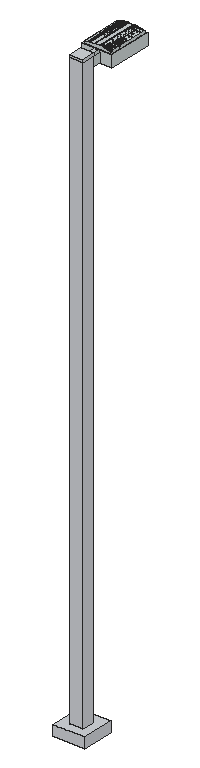
Revit family "Entablature", category Lighting Fixtures, Revit 2021
Family settings
  Round Connector Dimension = Use Diameter
  Part Type = Normal
  OmniClass Number = 23.80.70.14.21
  OmniClass Title = Street and Roadway Lighting
  Work Plane-Based = No
  Always vertical = Yes
  Cut with Voids When Loaded = No
  Light Source = Yes
  Shared = No
  Room Calculation Point = No
Parameters (values of type "Small LED")
  Width = 1' - 0"
  Wattage Comments = "45W for 350mA, 93W for 700mA SET LED"
  Wattage = 93 W
  built-in parameter 1150110 = 1 (stored number, unit not read)
  Voltage = 0 V
  URL = "https://www.currentlighting.com/kimlighting"
  Type Comments = "Lighting Fixture"  # constant formula
  built-in parameter 1114217 = 1 (stored number, unit not read)
  Tilt Angle = 90.00°  # constant formula
  built-in parameter 1150109 = 1 (stored number, unit not read)
  built-in parameter 1150134 = 3
  built-in parameter 1150113 = 1 (stored number, unit not read)
  Series = "Entablature"  # constant formula
  Product Page URL = ""
  Product Documentation Link = ""
  Power Factor = 1  # constant formula
  Pole Width = 0' - 5"
  Pole Height = 20' - 0"
  Pole = yes
  Photometric Web Link = ""
  Photometric Web File = "set3-070s-hs.ies"
  Photometric Notes = "More IES files download on Photometric Web Link"  # constant formula
  Offset from Pole = 0' - 5"
  Number of Poles = 1
  Note Visible = yes
  Note Text = "LF"
  Model = "SET"
  MasterFormat Title = "Parking Lighting, Roadway Lighting, Site Lighting"  # constant formula
  Manufacturer = "KIM Lighting"  # constant formula
  built-in parameter 1150105 = 6580.5 (stored number, unit not read)
  Lumens = 13814.4 lm
  built-in parameter 1150115 = 1 (stored number, unit not read)
  Load Classification = Lighting
  built-in parameter 1150137 = (empty or 0)
  built-in parameter 1150139 = (empty or 0)
  Lens = Glass-Temper Molded
  built-in parameter 1150112 = 1 (stored number, unit not read)
  built-in parameter 1150114 = 1 (stored number, unit not read)
  Lamp = "40 LEDs,"
  built-in parameter 1150132 = (empty or 0)
  built-in parameter 1150102 = (empty or 0)
  built-in parameter 1150107 = 3200 (stored number, unit not read)
  built-in parameter 1150138 = (empty or 0)
  built-in parameter 1150106 = 65.805 (stored number, unit not read)
  Fixture Height = 0' - 6"
  Finish = Powder Coat-Platinum Silver
  Emit from Rectangle Width = 0' - 10"  # constant formula
  Emit from Rectangle Length = 0' - 10"  # constant formula
  Emit Shape Visible in Rendering = no
  built-in parameter 1150104 = 13.8 (stored number, unit not read)
  Dimming Lamp Color Temperature Shift = <None>
  Description = "Site/Roadway Luminare"  # constant formula
  Depth = 1' - 5 1/2"
  Default Elevation = 0' - 0"
  Color Filter = 16777215
  built-in parameter 1114218 = 1 (stored number, unit not read)
  built-in parameter 1150133 = 10 (stored number, unit not read)
  Assembly Code = "D5020200"
  Arch Height = 0' - 1 1/2"
  Apparent Load = 0 VA
Types (3): name | Width | Wattage Comments | Wattage | Photometric Web File | Model | built-in parameter 1150105 | Lumens | Lamp | built-in parameter 1150106 | Fixture Height | Depth | Arch Height
  (no name) | 1' - 0" | "45W for 350mA, 93W for 700mA SET LED" | 93 W | "set3-070s-hs.ies" | "SET" | 6580.5 (stored number, unit not read) | 13814.4 lm | "40 LEDs," | 65.805 (stored number, unit not read) | 0' - 6" | 1' - 5 1/2" | 0' - 1 1/2"
  Large LED | 1' - 4" | "92W for 350mA, 188W for 700mA ET LED" | 92 W | "et2e35-96l4k.ies" | "ET" | 1087.5 (stored number, unit not read) | 13665.9 lm | "80 LEDs" | 10.875 (stored number, unit not read) | 0' - 8" | 1' - 11" | 0' - 2"
  Small LED | 1' - 0" | "45W for 350mA, 93W for 700mA SET LED" | 93 W | "set3-070s-hs.ies" | "SET" | 6580.5 (stored number, unit not read) | 13814.4 lm | "40 LEDs," | 65.805 (stored number, unit not read) | 0' - 6" | 1' - 5 1/2" | 0' - 1 1/2"
Reference planes (in)
  plane 1 "Light Source Axis (F/B)": y = 3
  plane 2: z = 0
  plane 3 "Light Source Axis (L/R)": x = 0
  plane 4 "Light Source Elevation": z = 236.25
  plane 5 "Front": y = 8.75
  plane 6 "Back": y = -8.75
  plane 7 "Left": x = -6
  plane 8 "Right": x = 6
  plane 9 "Bottom": z = 234
  plane 10 "Top": z = 240
  plane 11: y = -2.75
  plane 12: z = 238.5
  plane 13: x = -5.25
  plane 14: x = 5.25
  plane 15: y = 8.375
  plane 16: y = -8.375
  plane 17: x = -6
  plane 18: x = -5.25
  plane 19: x = 5.25
  plane 20: x = 6
  plane 21: x = -6
  plane 22: x = -1
  plane 23: x = 1
  plane 24: x = 6
  plane 25: y = -13.75
Forms (in)
  Extrusion 1, solid, material "Powder Coat-Platinum Silver" <- "Finish", detail levels medium+fine
    sketch origin (0, 0, 234) x (-1, 0, 0) y (0, -1, 0)
      loop
        line (6, 8.75) -> (-6, 8.75) -> (-6, -8.75) -> (6, -8.75) -> (6, 8.75)
      loop
        line (5, 2.75) -> (-5, 2.75) -> (-5, -7.75) -> (5, -7.75) -> (5, 2.75)
    from 0 to 4.5
  Extrusion 2, solid, material "Powder Coat-Platinum Silver" <- "Finish", detail levels medium+fine
    sketch origin (0, 3, 0) x (1, 0, 0) y (0, 0, 1)
      loop
        line (5.25, 238.5) -> (5.25, 239.25)
        arc (5.25, 239.25) -> (0, 240.01296) -> (-5.25, 239.25) r 18.44443
        line (-5.25, 239.25) -> (-5.25, 238.5) -> (5.25, 238.5)
    from -5.375 to 11.375
  Extrusion 3, void, detail levels medium+fine
    sketch origin (0, 0, 234) x (-1, 0, 0) y (0, -1, 0)
      loop
        line (1, -8.375) -> (-1, -8.375) -> (-1, -8.75) -> (1, -8.75) -> (1, -8.375)
    from 0.99889 to 4.5
  Extrusion 4, void, detail levels medium+fine
    sketch origin (0, 0, 234) x (-1, 0, 0) y (0, -1, 0)
      loop
        line (6, -8) -> (6, -7.80793) -> (5.25, -7.80793) -> (5.25, -8) -> (6, -8)
      loop
        line (5.25, -7.61586) -> (6, -7.61586) -> (6, -7.4238) -> (5.25, -7.4238) -> (5.25, -7.61586)
      loop
        line (5.25, -7.23173) -> (6, -7.23173) -> (6, -7.03966) -> (5.25, -7.03966) -> (5.25, -7.23173)
      loop
        line (5.25, -6.84759) -> (6, -6.84759) -> (6, -6.65552) -> (5.25, -6.65552) -> (5.25, -6.84759)
      loop
        line (5.25, -6.46345) -> (6, -6.46345) -> (6, -6.27139) -> (5.25, -6.27139) -> (5.25, -6.46345)
      loop
        line (5.25, -6.07932) -> (6, -6.07932) -> (6, -5.88725) -> (5.25, -5.88725) -> (5.25, -6.07932)
      loop
        line (5.25, -5.69518) -> (6, -5.69518) -> (6, -5.50311) -> (5.25, -5.50311) -> (5.25, -5.69518)
      loop
        line (5.25, -5.31104) -> (6, -5.31104) -> (6, -5.11898) -> (5.25, -5.11898) -> (5.25, -5.31104)
      loop
        line (5.25, -4.92691) -> (6, -4.92691) -> (6, -4.73484) -> (5.25, -4.73484) -> (5.25, -4.92691)
      loop
        line (5.25, -4.54277) -> (6, -4.54277) -> (6, -4.3507) -> (5.25, -4.3507) -> (5.25, -4.54277)
      loop
        line (5.25, -4.15863) -> (6, -4.15863) -> (6, -3.96657) -> (5.25, -3.96657) -> (5.25, -4.15863)
      loop
        line (5.25, -3.7745) -> (6, -3.7745) -> (6, -3.58243) -> (5.25, -3.58243) -> (5.25, -3.7745)
      loop
        line (5.25, -3.39036) -> (6, -3.39036) -> (6, -3.19829) -> (5.25, -3.19829) -> (5.25, -3.39036)
      loop
        line (5.25, -3.00622) -> (6, -3.00622) -> (6, -2.81416) -> (5.25, -2.81416) -> (5.25, -3.00622)
      loop
        line (5.25, -2.62209) -> (6, -2.62209) -> (6, -2.43002) -> (5.25, -2.43002) -> (5.25, -2.62209)
      loop
        line (5.25, -2.23795) -> (6, -2.23795) -> (6, -2.04588) -> (5.25, -2.04588) -> (5.25, -2.23795)
      loop
        line (6, -1.85382) -> (6, -1.66175) -> (5.25, -1.66175) -> (5.25, -1.85382) -> (6, -1.85382)
      loop
        line (5.25, -1.46968) -> (6, -1.46968) -> (6, -1.27761) -> (5.25, -1.27761) -> (5.25, -1.46968)
      loop
        line (5.25, -1.08554) -> (6, -1.08554) -> (6, -0.89347) -> (5.25, -0.89347) -> (5.25, -1.08554)
      loop
        line (5.25, -0.70141) -> (6, -0.70141) -> (6, -0.50934) -> (5.25, -0.50934) -> (5.25, -0.70141)
      loop
        line (5.25, -0.31727) -> (6, -0.31727) -> (6, -0.1252) -> (5.25, -0.1252) -> (5.25, -0.31727)
      loop
        line (5.25, 0.06687) -> (6, 0.06687) -> (6, 0.25894) -> (5.25, 0.25894) -> (5.25, 0.06687)
      loop
        line (5.25, 0.451) -> (6, 0.451) -> (6, 0.64307) -> (5.25, 0.64307) -> (5.25, 0.451)
      loop
        line (5.25, 0.83514) -> (6, 0.83514) -> (6, 1.02721) -> (5.25, 1.02721) -> (5.25, 0.83514)
      loop
        line (5.25, 1.21928) -> (6, 1.21928) -> (6, 1.41135) -> (5.25, 1.41135) -> (5.25, 1.21928)
      loop
        line (5.25, 1.60341) -> (6, 1.60341) -> (6, 1.79548) -> (5.25, 1.79548) -> (5.25, 1.60341)
      loop
        line (5.25, 1.98755) -> (6, 1.98755) -> (6, 2.17962) -> (5.25, 2.17962) -> (5.25, 1.98755)
      loop
        line (5.25, 2.37169) -> (6, 2.37169) -> (6, 2.56376) -> (5.25, 2.56376) -> (5.25, 2.37169)
      loop
        line (5.25, 2.75582) -> (6, 2.75582) -> (6, 2.94789) -> (5.25, 2.94789) -> (5.25, 2.75582)
      loop
        line (5.25, 3.13996) -> (6, 3.13996) -> (6, 3.33203) -> (5.25, 3.33203) -> (5.25, 3.13996)
      loop
        line (5.25, 3.5241) -> (6, 3.5241) -> (6, 3.71616) -> (5.25, 3.71616) -> (5.25, 3.5241)
      loop
        line (5.25, 3.90823) -> (6, 3.90823) -> (6, 4.1003) -> (5.25, 4.1003) -> (5.25, 3.90823)
      loop
        line (5.25, 4.29237) -> (6, 4.29237) -> (6, 4.48444) -> (5.25, 4.48444) -> (5.25, 4.29237)
      loop
        line (5.25, 4.67651) -> (6, 4.67651) -> (6, 4.86857) -> (5.25, 4.86857) -> (5.25, 4.67651)
      loop
        line (5.25, 5.06064) -> (6, 5.06064) -> (6, 5.25271) -> (5.25, 5.25271) -> (5.25, 5.06064)
      loop
        line (5.25, 5.44478) -> (6, 5.44478) -> (6, 5.63685) -> (5.25, 5.63685) -> (5.25, 5.44478)
      loop
        line (5.25, 5.82892) -> (6, 5.82892) -> (6, 6.02098) -> (5.25, 6.02098) -> (5.25, 5.82892)
      loop
        line (5.25, 6.21305) -> (6, 6.21305) -> (6, 6.40512) -> (5.25, 6.40512) -> (5.25, 6.21305)
      loop
        line (5.25, 6.59719) -> (6, 6.59719) -> (6, 6.78926) -> (5.25, 6.78926) -> (5.25, 6.59719)
      loop
        line (5.25, 6.98133) -> (6, 6.98133) -> (6, 7.17339) -> (5.25, 7.17339) -> (5.25, 6.98133)
      loop
        line (5.25, 7.36546) -> (6, 7.36546) -> (6, 7.55753) -> (5.25, 7.55753) -> (5.25, 7.36546)
      loop
        line (5.25, 7.7496) -> (6, 7.7496) -> (6, 7.94167) -> (5.25, 7.94167) -> (5.25, 7.7496)
    from 3.954 to 6
  Extrusion 5, void, detail levels medium+fine
    sketch origin (15.25, 0, 234) x (-1, 0, 0) y (0, -1, 0)
      loop
        line (10, -8) -> (10, -7.80793) -> (9.25, -7.80793) -> (9.25, -8) -> (10, -8)
      loop
        line (9.25, -7.61586) -> (10, -7.61586) -> (10, -7.4238) -> (9.25, -7.4238) -> (9.25, -7.61586)
      loop
        line (9.25, -7.23173) -> (10, -7.23173) -> (10, -7.03966) -> (9.25, -7.03966) -> (9.25, -7.23173)
      loop
        line (9.25, -6.84759) -> (10, -6.84759) -> (10, -6.65552) -> (9.25, -6.65552) -> (9.25, -6.84759)
      loop
        line (9.25, -6.46345) -> (10, -6.46345) -> (10, -6.27139) -> (9.25, -6.27139) -> (9.25, -6.46345)
      loop
        line (9.25, -6.07932) -> (10, -6.07932) -> (10, -5.88725) -> (9.25, -5.88725) -> (9.25, -6.07932)
      loop
        line (9.25, -5.69518) -> (10, -5.69518) -> (10, -5.50311) -> (9.25, -5.50311) -> (9.25, -5.69518)
      loop
        line (9.25, -5.31104) -> (10, -5.31104) -> (10, -5.11898) -> (9.25, -5.11898) -> (9.25, -5.31104)
      loop
        line (9.25, -4.92691) -> (10, -4.92691) -> (10, -4.73484) -> (9.25, -4.73484) -> (9.25, -4.92691)
      loop
        line (9.25, -4.54277) -> (10, -4.54277) -> (10, -4.3507) -> (9.25, -4.3507) -> (9.25, -4.54277)
      loop
        line (9.25, -4.15863) -> (10, -4.15863) -> (10, -3.96657) -> (9.25, -3.96657) -> (9.25, -4.15863)
      loop
        line (9.25, -3.7745) -> (10, -3.7745) -> (10, -3.58243) -> (9.25, -3.58243) -> (9.25, -3.7745)
      loop
        line (9.25, -3.39036) -> (10, -3.39036) -> (10, -3.19829) -> (9.25, -3.19829) -> (9.25, -3.39036)
      loop
        line (9.25, -3.00622) -> (10, -3.00622) -> (10, -2.81416) -> (9.25, -2.81416) -> (9.25, -3.00622)
      loop
        line (9.25, -2.62209) -> (10, -2.62209) -> (10, -2.43002) -> (9.25, -2.43002) -> (9.25, -2.62209)
      loop
        line (9.25, -2.23795) -> (10, -2.23795) -> (10, -2.04588) -> (9.25, -2.04588) -> (9.25, -2.23795)
      loop
        line (10, -1.85382) -> (10, -1.66175) -> (9.25, -1.66175) -> (9.25, -1.85382) -> (10, -1.85382)
      loop
        line (9.25, -1.46968) -> (10, -1.46968) -> (10, -1.27761) -> (9.25, -1.27761) -> (9.25, -1.46968)
      loop
        line (9.25, -1.08554) -> (10, -1.08554) -> (10, -0.89347) -> (9.25, -0.89347) -> (9.25, -1.08554)
      loop
        line (9.25, -0.70141) -> (10, -0.70141) -> (10, -0.50934) -> (9.25, -0.50934) -> (9.25, -0.70141)
      loop
        line (9.25, -0.31727) -> (10, -0.31727) -> (10, -0.1252) -> (9.25, -0.1252) -> (9.25, -0.31727)
      loop
        line (9.25, 0.06687) -> (10, 0.06687) -> (10, 0.25894) -> (9.25, 0.25894) -> (9.25, 0.06687)
      loop
        line (9.25, 0.451) -> (10, 0.451) -> (10, 0.64307) -> (9.25, 0.64307) -> (9.25, 0.451)
      loop
        line (9.25, 0.83514) -> (10, 0.83514) -> (10, 1.02721) -> (9.25, 1.02721) -> (9.25, 0.83514)
      loop
        line (9.25, 1.21928) -> (10, 1.21928) -> (10, 1.41135) -> (9.25, 1.41135) -> (9.25, 1.21928)
      loop
        line (9.25, 1.60341) -> (10, 1.60341) -> (10, 1.79548) -> (9.25, 1.79548) -> (9.25, 1.60341)
      loop
        line (9.25, 1.98755) -> (10, 1.98755) -> (10, 2.17962) -> (9.25, 2.17962) -> (9.25, 1.98755)
      loop
        line (9.25, 2.37169) -> (10, 2.37169) -> (10, 2.56376) -> (9.25, 2.56376) -> (9.25, 2.37169)
      loop
        line (9.25, 2.75582) -> (10, 2.75582) -> (10, 2.94789) -> (9.25, 2.94789) -> (9.25, 2.75582)
      loop
        line (9.25, 3.13996) -> (10, 3.13996) -> (10, 3.33203) -> (9.25, 3.33203) -> (9.25, 3.13996)
      loop
        line (9.25, 3.5241) -> (10, 3.5241) -> (10, 3.71616) -> (9.25, 3.71616) -> (9.25, 3.5241)
      loop
        line (9.25, 3.90823) -> (10, 3.90823) -> (10, 4.1003) -> (9.25, 4.1003) -> (9.25, 3.90823)
      loop
        line (9.25, 4.29237) -> (10, 4.29237) -> (10, 4.48444) -> (9.25, 4.48444) -> (9.25, 4.29237)
      loop
        line (9.25, 4.67651) -> (10, 4.67651) -> (10, 4.86857) -> (9.25, 4.86857) -> (9.25, 4.67651)
      loop
        line (9.25, 5.06064) -> (10, 5.06064) -> (10, 5.25271) -> (9.25, 5.25271) -> (9.25, 5.06064)
      loop
        line (9.25, 5.44478) -> (10, 5.44478) -> (10, 5.63685) -> (9.25, 5.63685) -> (9.25, 5.44478)
      loop
        line (9.25, 5.82892) -> (10, 5.82892) -> (10, 6.02098) -> (9.25, 6.02098) -> (9.25, 5.82892)
      loop
        line (9.25, 6.21305) -> (10, 6.21305) -> (10, 6.40512) -> (9.25, 6.40512) -> (9.25, 6.21305)
      loop
        line (9.25, 6.59719) -> (10, 6.59719) -> (10, 6.78926) -> (9.25, 6.78926) -> (9.25, 6.59719)
      loop
        line (9.25, 6.98133) -> (10, 6.98133) -> (10, 7.17339) -> (9.25, 7.17339) -> (9.25, 6.98133)
      loop
        line (9.25, 7.36546) -> (10, 7.36546) -> (10, 7.55753) -> (9.25, 7.55753) -> (9.25, 7.36546)
      loop
        line (9.25, 7.7496) -> (10, 7.7496) -> (10, 7.94167) -> (9.25, 7.94167) -> (9.25, 7.7496)
    from 3.954 to 6
  Extrusion 6, void, detail levels medium+fine
    sketch origin (0, 0, 234) x (-1, 0, 0) y (0, -1, 0)
      loop
        line (6, -7.78382) -> (6, -7.58676) -> (1, -7.58676) -> (1, -7.78382) -> (6, -7.78382)
      loop
        line (-6, -7.78382) -> (-1, -7.78382) -> (-1, -7.58676) -> (-6, -7.58676) -> (-6, -7.78382)
      loop
        line (6, -7.38971) -> (6, -7.19265) -> (1, -7.19265) -> (1, -7.38971) -> (6, -7.38971)
      loop
        line (-6, -7.38971) -> (-1, -7.38971) -> (-1, -7.19265) -> (-6, -7.19265) -> (-6, -7.38971)
      loop
        line (6, -6.99559) -> (6, -6.79853) -> (1, -6.79853) -> (1, -6.99559) -> (6, -6.99559)
      loop
        line (-6, -6.99559) -> (-1, -6.99559) -> (-1, -6.79853) -> (-6, -6.79853) -> (-6, -6.99559)
      loop
        line (6, -6.60147) -> (6, -6.40441) -> (1, -6.40441) -> (1, -6.60147) -> (6, -6.60147)
      loop
        line (-6, -6.60147) -> (-1, -6.60147) -> (-1, -6.40441) -> (-6, -6.40441) -> (-6, -6.60147)
      loop
        line (6, -6.20735) -> (6, -6.01029) -> (1, -6.01029) -> (1, -6.20735) -> (6, -6.20735)
      loop
        line (-6, -6.20735) -> (-1, -6.20735) -> (-1, -6.01029) -> (-6, -6.01029) -> (-6, -6.20735)
      loop
        line (6, -5.81324) -> (6, -5.61618) -> (1, -5.61618) -> (1, -5.81324) -> (6, -5.81324)
      loop
        line (-6, -5.81324) -> (-1, -5.81324) -> (-1, -5.61618) -> (-6, -5.61618) -> (-6, -5.81324)
      loop
        line (6, -5.41912) -> (6, -5.22206) -> (1, -5.22206) -> (1, -5.41912) -> (6, -5.41912)
      loop
        line (-6, -5.41912) -> (-1, -5.41912) -> (-1, -5.22206) -> (-6, -5.22206) -> (-6, -5.41912)
      loop
        line (6, -5.025) -> (6, -4.82794) -> (1, -4.82794) -> (1, -5.025) -> (6, -5.025)
      loop
        line (-6, -5.025) -> (-1, -5.025) -> (-1, -4.82794) -> (-6, -4.82794) -> (-6, -5.025)
      loop
        line (6, -4.63088) -> (6, -4.43382) -> (1, -4.43382) -> (1, -4.63088) -> (6, -4.63088)
      loop
        line (-6, -4.63088) -> (-1, -4.63088) -> (-1, -4.43382) -> (-6, -4.43382) -> (-6, -4.63088)
      loop
        line (6, -4.23676) -> (6, -4.03971) -> (1, -4.03971) -> (1, -4.23676) -> (6, -4.23676)
      loop
        line (-6, -4.23676) -> (-1, -4.23676) -> (-1, -4.03971) -> (-6, -4.03971) -> (-6, -4.23676)
      loop
        line (6, -3.84265) -> (6, -3.64559) -> (1, -3.64559) -> (1, -3.84265) -> (6, -3.84265)
      loop
        line (-6, -3.84265) -> (-1, -3.84265) -> (-1, -3.64559) -> (-6, -3.64559) -> (-6, -3.84265)
      loop
        line (6, -3.44853) -> (6, -3.25147) -> (1, -3.25147) -> (1, -3.44853) -> (6, -3.44853)
      loop
        line (-6, -3.44853) -> (-1, -3.44853) -> (-1, -3.25147) -> (-6, -3.25147) -> (-6, -3.44853)
      loop
        line (6, -3.05441) -> (6, -2.85735) -> (1, -2.85735) -> (1, -3.05441) -> (6, -3.05441)
      loop
        line (-6, -3.05441) -> (-1, -3.05441) -> (-1, -2.85735) -> (-6, -2.85735) -> (-6, -3.05441)
      loop
        line (6, -2.66029) -> (6, -2.46324) -> (1, -2.46324) -> (1, -2.66029) -> (6, -2.66029)
      loop
        line (-6, -2.66029) -> (-1, -2.66029) -> (-1, -2.46324) -> (-6, -2.46324) -> (-6, -2.66029)
      loop
        line (6, -2.26618) -> (6, -2.06912) -> (1, -2.06912) -> (1, -2.26618) -> (6, -2.26618)
      loop
        line (-6, -2.26618) -> (-1, -2.26618) -> (-1, -2.06912) -> (-6, -2.06912) -> (-6, -2.26618)
      loop
        line (6, -1.87206) -> (6, -1.675) -> (1, -1.675) -> (1, -1.87206) -> (6, -1.87206)
      loop
        line (-6, -1.87206) -> (-1, -1.87206) -> (-1, -1.675) -> (-6, -1.675) -> (-6, -1.87206)
      loop
        line (6, -1.47794) -> (6, -1.28088) -> (1, -1.28088) -> (1, -1.47794) -> (6, -1.47794)
      loop
        line (-6, -1.47794) -> (-1, -1.47794) -> (-1, -1.28088) -> (-6, -1.28088) -> (-6, -1.47794)
      loop
        line (6, -1.08382) -> (6, -0.88676) -> (1, -0.88676) -> (1, -1.08382) -> (6, -1.08382)
      loop
        line (-6, -1.08382) -> (-1, -1.08382) -> (-1, -0.88676) -> (-6, -0.88676) -> (-6, -1.08382)
      loop
        line (6, -0.68971) -> (6, -0.49265) -> (1, -0.49265) -> (1, -0.68971) -> (6, -0.68971)
      loop
        line (-6, -0.68971) -> (-1, -0.68971) -> (-1, -0.49265) -> (-6, -0.49265) -> (-6, -0.68971)
      loop
        line (6, -0.29559) -> (6, -0.09853) -> (1, -0.09853) -> (1, -0.29559) -> (6, -0.29559)
      loop
        line (-6, -0.29559) -> (-1, -0.29559) -> (-1, -0.09853) -> (-6, -0.09853) -> (-6, -0.29559)
      loop
        line (6, 0.09853) -> (6, 0.29559) -> (1, 0.29559) -> (1, 0.09853) -> (6, 0.09853)
      loop
        line (-6, 0.09853) -> (-1, 0.09853) -> (-1, 0.29559) -> (-6, 0.29559) -> (-6, 0.09853)
      loop
        line (6, 0.49265) -> (6, 0.68971) -> (1, 0.68971) -> (1, 0.49265) -> (6, 0.49265)
      loop
        line (-6, 0.49265) -> (-1, 0.49265) -> (-1, 0.68971) -> (-6, 0.68971) -> (-6, 0.49265)
      loop
        line (6, 0.88676) -> (6, 1.08382) -> (1, 1.08382) -> (1, 0.88676) -> (6, 0.88676)
      loop
        line (-6, 0.88676) -> (-1, 0.88676) -> (-1, 1.08382) -> (-6, 1.08382) -> (-6, 0.88676)
      loop
        line (6, 1.28088) -> (6, 1.47794) -> (1, 1.47794) -> (1, 1.28088) -> (6, 1.28088)
      loop
        line (-6, 1.28088) -> (-1, 1.28088) -> (-1, 1.47794) -> (-6, 1.47794) -> (-6, 1.28088)
      loop
        line (6, 1.675) -> (6, 1.87206) -> (1, 1.87206) -> (1, 1.675) -> (6, 1.675)
      loop
        line (-6, 1.675) -> (-1, 1.675) -> (-1, 1.87206) -> (-6, 1.87206) -> (-6, 1.675)
      loop
        line (6, 2.06912) -> (6, 2.26618) -> (1, 2.26618) -> (1, 2.06912) -> (6, 2.06912)
      loop
        line (-6, 2.06912) -> (-1, 2.06912) -> (-1, 2.26618) -> (-6, 2.26618) -> (-6, 2.06912)
      loop
        line (6, 2.46324) -> (6, 2.66029) -> (1, 2.66029) -> (1, 2.46324) -> (6, 2.46324)
      loop
        line (-6, 2.46324) -> (-1, 2.46324) -> (-1, 2.66029) -> (-6, 2.66029) -> (-6, 2.46324)
      loop
        line (6, 2.85735) -> (6, 3.05441) -> (1, 3.05441) -> (1, 2.85735) -> (6, 2.85735)
      loop
        line (-6, 2.85735) -> (-1, 2.85735) -> (-1, 3.05441) -> (-6, 3.05441) -> (-6, 2.85735)
      loop
        line (6, 3.25147) -> (6, 3.44853) -> (1, 3.44853) -> (1, 3.25147) -> (6, 3.25147)
      loop
        line (-6, 3.25147) -> (-1, 3.25147) -> (-1, 3.44853) -> (-6, 3.44853) -> (-6, 3.25147)
      loop
        line (6, 3.64559) -> (6, 3.84265) -> (1, 3.84265) -> (1, 3.64559) -> (6, 3.64559)
      loop
        line (-6, 3.64559) -> (-1, 3.64559) -> (-1, 3.84265) -> (-6, 3.84265) -> (-6, 3.64559)
      loop
        line (6, 4.03971) -> (6, 4.23676) -> (1, 4.23676) -> (1, 4.03971) -> (6, 4.03971)
      loop
        line (-6, 4.03971) -> (-1, 4.03971) -> (-1, 4.23676) -> (-6, 4.23676) -> (-6, 4.03971)
      loop
        line (6, 4.43382) -> (6, 4.63088) -> (1, 4.63088) -> (1, 4.43382) -> (6, 4.43382)
      loop
        line (-6, 4.43382) -> (-1, 4.43382) -> (-1, 4.63088) -> (-6, 4.63088) -> (-6, 4.43382)
      loop
        line (6, 4.82794) -> (6, 5.025) -> (1, 5.025) -> (1, 4.82794) -> (6, 4.82794)
      loop
        line (-6, 4.82794) -> (-1, 4.82794) -> (-1, 5.025) -> (-6, 5.025) -> (-6, 4.82794)
      loop
        line (6, 5.22206) -> (6, 5.41912) -> (1, 5.41912) -> (1, 5.22206) -> (6, 5.22206)
      loop
        line (-6, 5.22206) -> (-1, 5.22206) -> (-1, 5.41912) -> (-6, 5.41912) -> (-6, 5.22206)
      loop
        line (6, 5.61618) -> (6, 5.81324) -> (1, 5.81324) -> (1, 5.61618) -> (6, 5.61618)
      loop
        line (-6, 5.61618) -> (-1, 5.61618) -> (-1, 5.81324) -> (-6, 5.81324) -> (-6, 5.61618)
      loop
        line (6, 6.01029) -> (6, 6.20735) -> (1, 6.20735) -> (1, 6.01029) -> (6, 6.01029)
      loop
        line (-6, 6.01029) -> (-1, 6.01029) -> (-1, 6.20735) -> (-6, 6.20735) -> (-6, 6.01029)
      loop
        line (6, 6.40441) -> (6, 6.60147) -> (1, 6.60147) -> (1, 6.40441) -> (6, 6.40441)
      loop
        line (-6, 6.40441) -> (-1, 6.40441) -> (-1, 6.60147) -> (-6, 6.60147) -> (-6, 6.40441)
      loop
        line (6, 6.79853) -> (6, 6.99559) -> (1, 6.99559) -> (1, 6.79853) -> (6, 6.79853)
      loop
        line (-6, 6.79853) -> (-1, 6.79853) -> (-1, 6.99559) -> (-6, 6.99559) -> (-6, 6.79853)
      loop
        line (6, 7.19265) -> (6, 7.38971) -> (1, 7.38971) -> (1, 7.19265) -> (6, 7.19265)
      loop
        line (-6, 7.19265) -> (-1, 7.19265) -> (-1, 7.38971) -> (-6, 7.38971) -> (-6, 7.19265)
      loop
        line (6, 7.58676) -> (6, 7.78382) -> (1, 7.78382) -> (1, 7.58676) -> (6, 7.58676)
      loop
        line (-6, 7.58676) -> (-1, 7.58676) -> (-1, 7.78382) -> (-6, 7.78382) -> (-6, 7.58676)
      loop
        line (6, 7.98088) -> (6, 8.17794) -> (1, 8.17794) -> (1, 7.98088) -> (6, 7.98088)
      loop
        line (-6, 7.98088) -> (-1, 7.98088) -> (-1, 8.17794) -> (-6, 8.17794) -> (-6, 7.98088)
      loop
        line (6, -7.98088) -> (1, -7.98088) -> (1, -8.17794) -> (6, -8.17794) -> (6, -7.98088)
      loop
        line (-6, -7.98088) -> (-6, -8.17794) -> (-1, -8.17794) -> (-1, -7.98088) -> (-6, -7.98088)
    from 5.00946 to 5.98614
  Extrusion 7, solid, material "Glass-Temper Molded" <- "Lens", detail levels medium+fine
    sketch origin (0, 0, 234) x (-1, 0, 0) y (0, -1, 0)
      loop
        line (5, 2.75) -> (-5, 2.75) -> (-5, -7.75) -> (5, -7.75) -> (5, 2.75)
    from 0.0625 to 0
  Extrusion 8, solid, material "Powder Coat-Platinum Silver" <- "Finish", detail levels fine
    sketch origin (0, 3, 0) x (1, 0, 0) y (0, 0, 1)
      loop
        line (1, 234) -> (1, 237.5) -> (0.75, 237.5) -> (0.75, 238.5) -> (-0.75, 238.5) -> (-0.75, 237.5) -> (-1, 237.5) -> (-1, 234) -> (1, 234)
    from 11.75 to 16.75
  Extrusion 9, solid, material "Powder Coat-Platinum Silver" <- "Finish", detail levels coarse
    sketch origin (0, 0, 0) x (0, 1, 0) y (0, 0, 1)
      loop
        line (8.75, 236.25) -> (8.75, 240) -> (-8.75, 240) -> (-8.75, 236.25) -> (8.75, 236.25)
    from -6 to 6
  Extrusion 10, solid, material "Powder Coat-Platinum Silver" <- "Finish", detail levels coarse+medium
    sketch origin (0, 0, 0) x (0, 1, 0) y (0, 0, 1)
      loop
        line (-8.75, 234) -> (-8.75, 238.5) -> (-13.75, 238.5) -> (-13.75, 234) -> (-8.75, 234)
    from -1 to 1
Cuts and joins
  Extrusion 3, Extrusion 4, Extrusion 5, Extrusion 6 cuts Extrusion 1
  Extrusion 3, Extrusion 4, Extrusion 5, Extrusion 6 cuts Extrusion 2
  joined: Extrusion 1, Extrusion 2
Lines and regions (in)
  Masking region 1
    outline origin (0, 0, 240) x (-1, 0, 0) y (0, -1, 0)
      loop
        line (6, 8.75) -> (-6, 8.75) -> (-6, -8.75) -> (6, -8.75) -> (6, 8.75)
  Masking region 2
    outline origin (0, 0, 240) x (-1, 0, 0) y (0, -1, 0)
      loop
        line (1, 13.75) -> (-1, 13.75) -> (-1, 8.75) -> (1, 8.75) -> (1, 13.75)
  Masking region 3
    outline origin (0, 3, 0) x (1, 0, 0) y (0, 0, 1)
      loop
        line (-6, 234) -> (6, 234) -> (6, 238.5) -> (5.25, 238.5) -> (5.25, 239.60943)
        arc (5.25, 239.60943) -> (0, 240.00147) -> (-5.25, 239.60943) r 35.34903
        line (-5.25, 239.60943) -> (-5.25, 238.5) -> (-6, 238.5) -> (-6, 234)
  Masking region 4
    outline origin (0, 0, 0) x (0, 1, 0) y (0, 0, 1)
      loop
        line (8.75, 234) -> (8.75, 238.5) -> (8.375, 238.5) -> (8.375, 240) -> (-8.375, 240) -> (-8.375, 238.5) -> (-8.75, 238.5) -> (-8.75, 234) -> (8.75, 234)
  Masking region 5
    outline origin (0, 0, 0) x (0, 1, 0) y (0, 0, 1)
      loop
        line (-8.75, 234) -> (-8.75, 238.5) -> (-13.75, 238.5) -> (-13.75, 234) -> (-8.75, 234)
  symbolic lines, detail levels medium+fine
    curve 1: line (-5.25, -8.375, 240) -> (5.25, -8.375, 240)
    curve 2: line (-5.25, 8.375, 240) -> (-5.25, -8.375, 240)
    curve 3: line (5.25, 8.375, 240) -> (-5.25, 8.375, 240)
    curve 4: line (5.25, -8.375, 240) -> (5.25, 8.375, 240)
    curve 5: line (-5.25, 3, 238.5) -> (5.25, 3, 238.5)
    curve 14: line (0, -8.75, 237.5) -> (0, -13.75, 237.5)
    curve 15: line (0, 8.375, 238.5) -> (0, -8.375, 238.5)
    curve 16: line (-1, 3, 238.5) -> (-1, 3, 234.99889)
    curve 17: line (-1, 3, 234.99889) -> (1, 3, 234.99889)
    curve 18: line (1, 3, 234.99889) -> (1, 3, 238.5)
  symbolic lines, style "LightingFixturesHiddenLines", detail levels fine
    curve 6: line (-6, 3, 237.954) -> (-5.25, 3, 237.954)
    curve 7: line (-5.25, 3, 237.954) -> (-5.25, 3, 238.5)
    curve 8: line (6, 3, 237.954) -> (5.25, 3, 237.954)
    curve 9: line (5.25, 3, 237.954) -> (5.25, 3, 238.5)
    curve 10: line (5.25, 3, 239.00946) -> (1, 3, 239.00946)
    curve 11: line (1, 3, 239.00946) -> (1, 3, 239.94926)
    curve 12: line (-5.25, 3, 239.00946) -> (-1, 3, 239.00946)
    curve 13: line (-1, 3, 239.00946) -> (-1, 3, 239.94926)
Dimensions and locks (in)
  "Depth": plane 5 "Front" to plane 6 "Back"
  equal spacing: plane 7 "Left", plane 3 "Light Source Axis (L/R)", plane 8 "Right"
  "Width": plane 7 "Left" to plane 8 "Right"
  "Fixture Height": plane 10 "Top" to plane 9 "Bottom"
  equal spacing: plane 5 "Front", plane 1 "Light Source Axis (F/B)", plane 11
  locked: plane 7 "Left" to Extrusion 1 sketch curve at 1
  locked: Extrusion 1 sketch curve to plane 8 "Right" at 1
  locked: plane 5 "Front" to Extrusion 1 sketch curve at 1
  equal spacing: plane 12, plane 4 "Light Source Elevation", plane 9 "Bottom"
  "Arch Height": plane 10 "Top" to plane 12
  locked: plane 5 "Front" to Extrusion 3 sketch curve at 0.375
  Extrusion 3 sketch curve to Extrusion 3 sketch curve = 0' - 2"
  locked: cut or joined group of Extrusion 1, Extrusion 2, Extrusion 3, Extrusion 4, Extrusion 5, Extrusion 6 to plane 9 "Bottom" at 0.99889
  locked: plane 5 "Front" to plane 15 at 0.375
  locked: plane 16 to plane 6 "Back" at 0.375
  locked: plane 7 "Left" to plane 13 at 0.75
  plane 14 to plane 8 "Right" = 0' - 0 3/4"
  locked: plane 11 to plane 6 "Back" at 6
  Extrusion 2 sketch curve to plane 10 "Top" to Extrusion 2 sketch curve = 0' - 0.01296" locked, 0' - 0 3/4" locked
  locked: plane 17 to plane 7 "Left"
  locked: plane 13 to plane 18
  equal spacing: Extrusion 4 sketch curve, Extrusion 4 sketch curve, Extrusion 4 sketch curve, Extrusion 4 sketch curve, Extrusion 4 sketch curve, Extrusion 4 sketch curve, Extrusion 4 sketch curve, Extrusion 4 sketch curve, Extrusion 4 sketch curve, Extrusion 4 sketch curve, Extrusion 4 sketch curve, Extrusion 4 sketch curve, Extrusion 4 sketch curve, Extrusion 4 sketch curve, Extrusion 4 sketch curve, Extrusion 4 sketch curve, Extrusion 4 sketch curve, Extrusion 4 sketch curve, Extrusion 4 sketch curve, Extrusion 4 sketch curve, Extrusion 4 sketch curve, Extrusion 4 sketch curve, Extrusion 4 sketch curve, Extrusion 4 sketch curve, Extrusion 4 sketch curve, Extrusion 4 sketch curve, Extrusion 4 sketch curve, Extrusion 4 sketch curve, Extrusion 4 sketch curve, Extrusion 4 sketch curve, Extrusion 4 sketch curve, Extrusion 4 sketch curve, Extrusion 4 sketch curve, Extrusion 4 sketch curve, Extrusion 4 sketch curve, Extrusion 4 sketch curve, Extrusion 4 sketch curve, Extrusion 4 sketch curve, Extrusion 4 sketch curve, Extrusion 4 sketch curve, Extrusion 4 sketch curve, Extrusion 4 sketch curve, Extrusion 4 sketch curve, Extrusion 4 sketch curve, Extrusion 4 sketch curve, Extrusion 4 sketch curve, Extrusion 4 sketch curve, Extrusion 4 sketch curve, Extrusion 4 sketch curve, Extrusion 4 sketch curve, Extrusion 4 sketch curve, Extrusion 4 sketch curve, Extrusion 4 sketch curve, Extrusion 4 sketch curve, Extrusion 4 sketch curve, Extrusion 4 sketch curve, Extrusion 4 sketch curve, Extrusion 4 sketch curve, Extrusion 4 sketch curve, Extrusion 4 sketch curve, Extrusion 4 sketch curve, Extrusion 4 sketch curve, Extrusion 4 sketch curve, Extrusion 4 sketch curve, Extrusion 4 sketch curve, Extrusion 4 sketch curve, Extrusion 4 sketch curve, Extrusion 4 sketch curve, Extrusion 4 sketch curve, Extrusion 4 sketch curve, Extrusion 4 sketch curve, Extrusion 4 sketch curve, Extrusion 4 sketch curve, Extrusion 4 sketch curve, Extrusion 4 sketch curve, Extrusion 4 sketch curve, Extrusion 4 sketch curve, Extrusion 4 sketch curve, Extrusion 4 sketch curve, Extrusion 4 sketch curve, Extrusion 4 sketch curve, Extrusion 4 sketch curve, Extrusion 4 sketch curve, Extrusion 4 sketch curve
  locked: Extrusion 4 sketch curve to plane 5 "Front" at 0.75
  locked: Extrusion 4 sketch curve to plane 6 "Back" at 0.80833
  equal spacing: Extrusion 5 sketch curve, Extrusion 5 sketch curve, Extrusion 5 sketch curve, Extrusion 5 sketch curve, Extrusion 5 sketch curve, Extrusion 5 sketch curve, Extrusion 5 sketch curve, Extrusion 5 sketch curve, Extrusion 5 sketch curve, Extrusion 5 sketch curve, Extrusion 5 sketch curve, Extrusion 5 sketch curve, Extrusion 5 sketch curve, Extrusion 5 sketch curve, Extrusion 5 sketch curve, Extrusion 5 sketch curve, Extrusion 5 sketch curve, Extrusion 5 sketch curve, Extrusion 5 sketch curve, Extrusion 5 sketch curve, Extrusion 5 sketch curve, Extrusion 5 sketch curve, Extrusion 5 sketch curve, Extrusion 5 sketch curve, Extrusion 5 sketch curve, Extrusion 5 sketch curve, Extrusion 5 sketch curve, Extrusion 5 sketch curve, Extrusion 5 sketch curve, Extrusion 5 sketch curve, Extrusion 5 sketch curve, Extrusion 5 sketch curve, Extrusion 5 sketch curve, Extrusion 5 sketch curve, Extrusion 5 sketch curve, Extrusion 5 sketch curve, Extrusion 5 sketch curve, Extrusion 5 sketch curve, Extrusion 5 sketch curve, Extrusion 5 sketch curve, Extrusion 5 sketch curve, Extrusion 5 sketch curve, Extrusion 5 sketch curve, Extrusion 5 sketch curve, Extrusion 5 sketch curve, Extrusion 5 sketch curve, Extrusion 5 sketch curve, Extrusion 5 sketch curve, Extrusion 5 sketch curve, Extrusion 5 sketch curve, Extrusion 5 sketch curve, Extrusion 5 sketch curve, Extrusion 5 sketch curve, Extrusion 5 sketch curve, Extrusion 5 sketch curve, Extrusion 5 sketch curve, Extrusion 5 sketch curve, Extrusion 5 sketch curve, Extrusion 5 sketch curve, Extrusion 5 sketch curve, Extrusion 5 sketch curve, Extrusion 5 sketch curve, Extrusion 5 sketch curve, Extrusion 5 sketch curve, Extrusion 5 sketch curve, Extrusion 5 sketch curve, Extrusion 5 sketch curve, Extrusion 5 sketch curve, Extrusion 5 sketch curve, Extrusion 5 sketch curve, Extrusion 5 sketch curve, Extrusion 5 sketch curve, Extrusion 5 sketch curve, Extrusion 5 sketch curve, Extrusion 5 sketch curve, Extrusion 5 sketch curve, Extrusion 5 sketch curve, Extrusion 5 sketch curve, Extrusion 5 sketch curve, Extrusion 5 sketch curve, Extrusion 5 sketch curve, Extrusion 5 sketch curve, Extrusion 5 sketch curve, Extrusion 5 sketch curve
  locked: Extrusion 5 sketch curve to plane 6 "Back" at 0.80833
  locked: Extrusion 5 sketch curve to plane 5 "Front" at 0.75
  locked: plane 19 to plane 14
  locked: plane 20 to plane 8 "Right"
  locked: plane 10 "Top" to cut or joined group of Extrusion 1, Extrusion 2, Extrusion 3, Extrusion 4, Extrusion 5, Extrusion 6  (x2)
  locked: cut or joined group of Extrusion 1, Extrusion 2, Extrusion 3, Extrusion 4, Extrusion 5, Extrusion 6 to plane 12 at 0.546  (x2)
  locked: plane 10 "Top" to cut or joined group of Extrusion 1, Extrusion 2, Extrusion 3, Extrusion 4, Extrusion 5, Extrusion 6 at 0.01386
  locked: plane 10 "Top" to cut or joined group of Extrusion 1, Extrusion 2, Extrusion 3, Extrusion 4, Extrusion 5, Extrusion 6 at 0.99054
  plane 21 to plane 7 "Left" = 0' - 0"
  locked: plane 22 to plane 3 "Light Source Axis (L/R)" at 1
  locked: plane 3 "Light Source Axis (L/R)" to plane 23 at 1
  locked: plane 8 "Right" to plane 24
  equal spacing: plane 16, Extrusion 6 sketch curve, Extrusion 6 sketch curve, Extrusion 6 sketch curve, Extrusion 6 sketch curve, Extrusion 6 sketch curve, Extrusion 6 sketch curve, Extrusion 6 sketch curve, Extrusion 6 sketch curve, Extrusion 6 sketch curve, Extrusion 6 sketch curve, Extrusion 6 sketch curve, Extrusion 6 sketch curve, Extrusion 6 sketch curve, Extrusion 6 sketch curve, Extrusion 6 sketch curve, Extrusion 6 sketch curve, Extrusion 6 sketch curve, Extrusion 6 sketch curve, Extrusion 6 sketch curve, Extrusion 6 sketch curve, Extrusion 6 sketch curve, Extrusion 6 sketch curve, Extrusion 6 sketch curve, Extrusion 6 sketch curve, Extrusion 6 sketch curve, Extrusion 6 sketch curve, Extrusion 6 sketch curve, Extrusion 6 sketch curve, Extrusion 6 sketch curve, Extrusion 6 sketch curve, Extrusion 6 sketch curve, Extrusion 6 sketch curve, Extrusion 6 sketch curve, Extrusion 6 sketch curve, Extrusion 6 sketch curve, Extrusion 6 sketch curve, Extrusion 6 sketch curve, Extrusion 6 sketch curve, Extrusion 6 sketch curve, Extrusion 6 sketch curve, Extrusion 6 sketch curve, Extrusion 6 sketch curve, Extrusion 6 sketch curve, Extrusion 6 sketch curve, Extrusion 6 sketch curve, Extrusion 6 sketch curve, Extrusion 6 sketch curve, Extrusion 6 sketch curve, Extrusion 6 sketch curve, Extrusion 6 sketch curve, Extrusion 6 sketch curve, Extrusion 6 sketch curve, Extrusion 6 sketch curve, Extrusion 6 sketch curve, Extrusion 6 sketch curve, Extrusion 6 sketch curve, Extrusion 6 sketch curve, Extrusion 6 sketch curve, Extrusion 6 sketch curve, Extrusion 6 sketch curve, Extrusion 6 sketch curve, Extrusion 6 sketch curve, Extrusion 6 sketch curve, Extrusion 6 sketch curve, Extrusion 6 sketch curve, Extrusion 6 sketch curve, Extrusion 6 sketch curve, Extrusion 6 sketch curve, Extrusion 6 sketch curve, Extrusion 6 sketch curve, Extrusion 6 sketch curve, Extrusion 6 sketch curve, Extrusion 6 sketch curve, Extrusion 6 sketch curve, Extrusion 6 sketch curve, Extrusion 6 sketch curve, Extrusion 6 sketch curve, Extrusion 6 sketch curve, Extrusion 6 sketch curve, Extrusion 6 sketch curve, Extrusion 6 sketch curve, Extrusion 6 sketch curve, Extrusion 6 sketch curve, Extrusion 6 sketch curve, plane 15
  equal spacing: plane 15, Extrusion 6 sketch curve, Extrusion 6 sketch curve, Extrusion 6 sketch curve, Extrusion 6 sketch curve, Extrusion 6 sketch curve, Extrusion 6 sketch curve, Extrusion 6 sketch curve, Extrusion 6 sketch curve, Extrusion 6 sketch curve, Extrusion 6 sketch curve, Extrusion 6 sketch curve, Extrusion 6 sketch curve, Extrusion 6 sketch curve, Extrusion 6 sketch curve, Extrusion 6 sketch curve, Extrusion 6 sketch curve, Extrusion 6 sketch curve, Extrusion 6 sketch curve, Extrusion 6 sketch curve, Extrusion 6 sketch curve, Extrusion 6 sketch curve, Extrusion 6 sketch curve, Extrusion 6 sketch curve, Extrusion 6 sketch curve, Extrusion 6 sketch curve, Extrusion 6 sketch curve, Extrusion 6 sketch curve, Extrusion 6 sketch curve, Extrusion 6 sketch curve, Extrusion 6 sketch curve, Extrusion 6 sketch curve, Extrusion 6 sketch curve, Extrusion 6 sketch curve, Extrusion 6 sketch curve, Extrusion 6 sketch curve, Extrusion 6 sketch curve, Extrusion 6 sketch curve, Extrusion 6 sketch curve, Extrusion 6 sketch curve, Extrusion 6 sketch curve, Extrusion 6 sketch curve, Extrusion 6 sketch curve, Extrusion 6 sketch curve, Extrusion 6 sketch curve, Extrusion 6 sketch curve, Extrusion 6 sketch curve, Extrusion 6 sketch curve, Extrusion 6 sketch curve, Extrusion 6 sketch curve, Extrusion 6 sketch curve, Extrusion 6 sketch curve, Extrusion 6 sketch curve, Extrusion 6 sketch curve, Extrusion 6 sketch curve, Extrusion 6 sketch curve, Extrusion 6 sketch curve, Extrusion 6 sketch curve, Extrusion 6 sketch curve, Extrusion 6 sketch curve, Extrusion 6 sketch curve, Extrusion 6 sketch curve, Extrusion 6 sketch curve, Extrusion 6 sketch curve, Extrusion 6 sketch curve, Extrusion 6 sketch curve, Extrusion 6 sketch curve, Extrusion 6 sketch curve, Extrusion 6 sketch curve, Extrusion 6 sketch curve, Extrusion 6 sketch curve, Extrusion 6 sketch curve, Extrusion 6 sketch curve, Extrusion 6 sketch curve, Extrusion 6 sketch curve, Extrusion 6 sketch curve, Extrusion 6 sketch curve, Extrusion 6 sketch curve, Extrusion 6 sketch curve, Extrusion 6 sketch curve, Extrusion 6 sketch curve, Extrusion 6 sketch curve, Extrusion 6 sketch curve, Extrusion 6 sketch curve, Extrusion 6 sketch curve, plane 16
  locked: plane 5 "Front" to Extrusion 7 sketch curve at 1
  locked: plane 7 "Left" to Extrusion 7 sketch curve at 1
  locked: Extrusion 7 sketch curve to plane 8 "Right" at 1
  locked: plane 9 "Bottom" to Extrusion 7
  "Offset from Pole": plane 6 "Back" to plane 25
  locked: plane 6 "Back" to Extrusion 8
  "Pole Height": plane 10 "Top" to level
  locked: nested 1 to Masking region 3 sketch curve at 35.34757
  locked: Masking region 3 sketch curve to nested 1 at 0.00147
  plane 10 "Top" to curve 11 to curve 10 = 0' - 0.05074" locked, 0' - 0.93981" locked
  plane 10 "Top" to curve 13 to curve 12 = 0' - 0.05074" locked, 0' - 0.93981" locked
  curve 11 to plane 3 "Light Source Axis (L/R)" to curve 13 = 0' - 1" locked, 0' - 1" locked
  locked: plane 12 to curve 6 at 0.546
  locked: plane 12 to curve 8 at 0.546
  locked: curve 8 to plane 8 "Right"
  locked: curve 6 to plane 7 "Left"
  Extrusion 8 to plane 9 "Bottom" = 0' - 3 1/2"
  locked: plane 12 to Extrusion 8 sketch curve at 1  (x2)
  Extrusion 8 sketch curve to Extrusion 8 sketch curve to plane 3 "Light Source Axis (L/R)" to Extrusion 8 sketch curve to Extrusion 8 sketch curve = 0' - 0 1/4" locked, 0' - 0 3/4" locked, 0' - 0 3/4" locked, 0' - 0 1/4" locked
  locked: plane 9 "Bottom" to cut or joined group of Extrusion 1, Extrusion 2, Extrusion 3, Extrusion 4, Extrusion 5, Extrusion 6
  locked: Extrusion 7 to plane 9 "Bottom" at 0.0625
  locked: plane 25 to nested 1
  locked: plane 3 "Light Source Axis (L/R)" to nested 1
  locked: Extrusion 9 to plane 8 "Right"
  Extrusion 10 to plane 3 "Light Source Axis (L/R)" to Extrusion 10 = 0' - 1" locked, 0' - 1" locked
  aligned and locked: plane 7 "Left" to Extrusion 1 sketch curve
  aligned and locked: Extrusion 1 sketch curve to plane 6 "Back"
  aligned and locked: plane 5 "Front" to Extrusion 1 sketch curve
  aligned and locked: Extrusion 1 sketch curve to plane 8 "Right"
  aligned and locked: Extrusion 1 sketch curve to plane 11
  aligned: Extrusion 1 to plane 9 "Bottom"
  aligned and locked: plane 12 to Extrusion 1
  aligned and locked: Extrusion 2 sketch curve to plane 12
  aligned and locked: plane 5 "Front" to Extrusion 3 sketch curve
  aligned and locked: plane 12 to Extrusion 3
  aligned and locked: plane 15 to Extrusion 2
  aligned and locked: Extrusion 2 to plane 16
  aligned and locked: plane 13 to Extrusion 2 sketch curve
  aligned and locked: plane 14 to Extrusion 2 sketch curve
  aligned and locked: Extrusion 7 sketch curve to cut or joined group of Extrusion 1, Extrusion 2, Extrusion 3, Extrusion 4, Extrusion 5, Extrusion 6
  aligned: Extrusion 7 to plane 9 "Bottom"
  aligned and locked: Extrusion 8 sketch curve to plane 12
  aligned and locked: plane 25 to Extrusion 8
  aligned and locked: Masking region 1 sketch curve to cut or joined group of Extrusion 1, Extrusion 2, Extrusion 3, Extrusion 4, Extrusion 5, Extrusion 6  (x3)
  aligned and locked: cut or joined group of Extrusion 1, Extrusion 2, Extrusion 3, Extrusion 4, Extrusion 5, Extrusion 6 to Masking region 1 sketch curve
  aligned and locked: plane 13 to curve 1
  aligned and locked: curve 1 to plane 16
  aligned and locked: plane 15 to curve 4
  aligned and locked: curve 4 to plane 14
  aligned: Masking region 2 sketch curve to Extrusion 8  (x2)
  aligned and locked: Extrusion 8 to Masking region 2 sketch curve  (x2)
  aligned and locked: plane 9 "Bottom" to Masking region 3 sketch curve
  aligned and locked: plane 7 "Left" to Masking region 3 sketch curve
  aligned and locked: Masking region 3 sketch curve to plane 8 "Right"
  aligned and locked: plane 13 to Masking region 3 sketch curve
  aligned and locked: Masking region 3 sketch curve to plane 14
  aligned and locked: Masking region 3 sketch curve to plane 12  (x2)
  aligned and locked: curve 5 to plane 12
  aligned and locked: cut or joined group of Extrusion 1, Extrusion 2, Extrusion 3, Extrusion 4, Extrusion 5, Extrusion 6 to curve 5  (x2)
  aligned and locked: cut or joined group of Extrusion 1, Extrusion 2, Extrusion 3, Extrusion 4, Extrusion 5, Extrusion 6 to curve 12
  aligned and locked: cut or joined group of Extrusion 1, Extrusion 2, Extrusion 3, Extrusion 4, Extrusion 5, Extrusion 6 to curve 10
  aligned and locked: Masking region 4 sketch curve to plane 9 "Bottom"
  aligned and locked: plane 10 "Top" to Masking region 4 sketch curve
  aligned and locked: plane 5 "Front" to Masking region 4 sketch curve
  aligned and locked: Masking region 4 sketch curve to plane 6 "Back"
  aligned and locked: plane 15 to Masking region 4 sketch curve
  aligned and locked: Masking region 4 sketch curve to plane 16
  aligned and locked: plane 12 to Masking region 4 sketch curve  (x2)
  aligned and locked: Masking region 5 sketch curve to cut or joined group of Extrusion 1, Extrusion 2, Extrusion 3, Extrusion 4, Extrusion 5, Extrusion 6  (x2)
  aligned and locked: Extrusion 8 to Masking region 5 sketch curve
  aligned and locked: Masking region 5 sketch curve to Extrusion 8
  aligned and locked: nested 1 to curve 14
  aligned and locked: curve 14 to cut or joined group of Extrusion 1, Extrusion 2, Extrusion 3, Extrusion 4, Extrusion 5, Extrusion 6
  aligned and locked: plane 12 to curve 15
  aligned and locked: cut or joined group of Extrusion 1, Extrusion 2, Extrusion 3, Extrusion 4, Extrusion 5, Extrusion 6 to curve 15  (x2)
  aligned and locked: plane 9 "Bottom" to Extrusion 8 sketch curve
  aligned and locked: Extrusion 7 to plane 9 "Bottom"
  aligned and locked: curve 17 to cut or joined group of Extrusion 1, Extrusion 2, Extrusion 3, Extrusion 4, Extrusion 5, Extrusion 6
  aligned and locked: curve 16 to cut or joined group of Extrusion 1, Extrusion 2, Extrusion 3, Extrusion 4, Extrusion 5, Extrusion 6
  aligned and locked: curve 18 to cut or joined group of Extrusion 1, Extrusion 2, Extrusion 3, Extrusion 4, Extrusion 5, Extrusion 6
  aligned and locked: plane 10 "Top" to Extrusion 9 sketch curve
  aligned and locked: Extrusion 9 sketch curve to plane 6 "Back"
  aligned and locked: plane 5 "Front" to Extrusion 9 sketch curve
  aligned and locked: Extrusion 10 sketch curve to Extrusion 9
  aligned and locked: Extrusion 10 sketch curve to cut or joined group of Extrusion 1, Extrusion 2, Extrusion 3, Extrusion 4, Extrusion 5, Extrusion 6
  aligned and locked: Extrusion 8 to Extrusion 10 sketch curve
  aligned and locked: Extrusion 10 sketch curve to Extrusion 8
  aligned and locked: Extrusion 9 to plane 7 "Left"
  aligned and locked: plane 4 "Light Source Elevation" to Extrusion 9 sketch curve
  aligned and locked: imposter light to plane 3 "Light Source Axis (L/R)"
  aligned and locked: imposter light to plane 4 "Light Source Elevation"
  aligned and locked: imposter light to plane 1 "Light Source Axis (F/B)"
Automatic sketch dimensions
  Extrusion 2 sketch curve to plane 3 "Light Source Axis (L/R)" = 0' - 0"
  Extrusion 4 sketch curve to plane 13 = 0' - 0"  (x42)
  Extrusion 4 sketch curve to plane 7 "Left" = 0' - 0"  (x42)
  Extrusion 5 sketch curve to plane 20 = 0' - 0"  (x42)
  Extrusion 5 sketch curve to plane 14 = 0' - 0"  (x42)
  Extrusion 6 sketch curve to plane 24 = 0' - 0"  (x42)
  Extrusion 6 sketch curve to plane 23 = 0' - 0"  (x42)
  Extrusion 6 sketch curve to plane 22 = 0' - 0"  (x42)
  Extrusion 6 sketch curve to plane 7 "Left" = 0' - 0"  (x42)
  Masking region 3 sketch curve to plane 3 "Light Source Axis (L/R)" = 0' - 0"
  curve 14 to plane 12 = 0' - 1"
  Masking region 2 sketch curve to plane 3 "Light Source Axis (L/R)" = 0' - 1"
  plane 3 "Light Source Axis (L/R)" to Masking region 2 sketch curve = 0' - 1"
Nested families (in)
  nested 1: "Kim_Lighting-Square_Pole" at (0, -16.25, 0) x (-1, 0, 0) z (0, 0, 1), visible <- "Pole", type "Kim_Lighting-Square_Pole"
  nested 2: "Notation" at (-0.49546, 11.06722, 0), visible <- "Note Visible", type "Notation"
Connectors (in)
  electrical at (0, -13.75, 18), driven by "Number of Poles", driven by "Power Factor", driven by "Apparent Load", driven by "Voltage", driven by "Load Classification"
    settings: on nested 1, index 1, voltage 0 V, apparent load 0 VA, apparent load phase1 0 VA, apparent load phase2 0 VA, apparent load phase3 0 VA, power factor 1, load classification "Lighting", number of poles 1, system type 30, power factor state 1, is connector primary yes, connector utility no, sub classification motor no, connector description "Lighting Connector"
Definition of nested family "Kim_Lighting-Square_Pole"
  Parameters
    Width = 0' - 5"
    URL = "http://www.kimlighting.com/"
    Type Comments = "Non-Tapered Pole"
    Model = "Square Pole"  # constant formula
    Manufacturer = "KIM Lighting"  # constant formula
    Height = 20' - 0"
    Finish = none
    Default Elevation = 0' - 0"
    Base Cover = if(Width = 0' 5", 1' 0 5/8", 0' 8 5/8")  # 1' - 0 5/8"
  Reference planes (in)
    plane 1 "Center (Front/Back)": y = 0
    plane 2: z = 0
    plane 3 "Center (Left/Right)": x = 0
    plane 4 "Front": y = -2.5
    plane 5 "Left": x = -2.5
    plane 6 "Right": x = 2.5
    plane 7 "Back": y = 2.5
    plane 8 "Top": z = 240
    plane 9: x = -6.3125
    plane 10: x = 6.3125
    plane 11: y = 6.3125
    plane 12: y = -6.3125
    plane 13: z = 18
  Forms (in)
    Extrusion 1, solid, material <- "Finish"
      sketch origin (0, 0, 0) x (1, 0, 0) y (0, 1, 0)
        loop
          line (-2.5, -2.5) -> (2.5, -2.5) -> (2.5, 2.5) -> (-2.5, 2.5) -> (-2.5, -2.5)
      from 0 to 240
    Extrusion 2, solid, material <- "Finish", detail levels medium+fine
      sketch origin (0, 0, 0) x (1, 0, 0) y (0, 1, 0)
        loop
          line (-6.3125, -6.3125) -> (6.3125, -6.3125) -> (6.3125, 6.3125) -> (-6.3125, 6.3125) -> (-6.3125, -6.3125)
        loop
          line (-2.5, -2.5) -> (2.5, -2.5) -> (2.5, 2.5) -> (-2.5, 2.5) -> (-2.5, -2.5)
      from 0 to 4
    Extrusion 3, solid, material <- "Finish", detail levels fine
      sketch origin (0, 0, 0) x (1, 0, 0) y (0, 0, 1)
        loop
          line (-1.5, 15) -> (1.5, 15) -> (1.5, 21) -> (-1.5, 21) -> (-1.5, 15)
      from 2.5 to 2.5625
    Extrusion 4, solid, material <- "Finish", detail levels fine
      sketch origin (0, 0, 240) x (-1, 0, 0) y (0, -1, 0)
        loop
          line (2.5625, 2.5625) -> (-2.5625, 2.5625) -> (-2.5625, -2.5625) -> (2.5625, -2.5625) -> (2.5625, 2.5625)
      from 0.10394 to -0.89606
  Lines and regions (in)
    Masking region 1
      outline origin (0, 0, 0) x (1, 0, 0) y (0, 0, 1)
        loop
          line (-2.5, 0) -> (2.5, 0) -> (2.5, 240) -> (-2.5, 240) -> (-2.5, 0)
    Masking region 2, detail levels medium+fine
      outline origin (0, 0, 0) x (1, 0, 0) y (0, 0, 1)
        loop
          line (-6.3125, 0) -> (6.3125, 0) -> (6.3125, 4) -> (-6.3125, 4) -> (-6.3125, 0)
    Masking region 3, detail levels fine
      outline origin (0, 0, 0) x (1, 0, 0) y (0, 0, 1)
        loop
          line (-2.5625, 239.10394) -> (2.5625, 239.10394) -> (2.5625, 240.10394) -> (-2.5625, 240.10394) -> (-2.5625, 239.10394)
    Masking region 4
      outline origin (0, 0, 0) x (0, 1, 0) y (0, 0, 1)
        loop
          line (2.5, 0) -> (2.5, 240) -> (-2.5, 240) -> (-2.5, 0) -> (2.5, 0)
    Masking region 5, detail levels medium+fine
      outline origin (0, 0, 0) x (0, 1, 0) y (0, 0, 1)
        loop
          line (6.3125, 0) -> (6.3125, 4) -> (-6.3125, 4) -> (-6.3125, 0) -> (6.3125, 0)
    Masking region 6, detail levels fine
      outline origin (0, 0, 0) x (0, 1, 0) y (0, 0, 1)
        loop
          line (2.5625, 239.10394) -> (2.5625, 240.10394) -> (-2.5625, 240.10394) -> (-2.5625, 239.10394) -> (2.5625, 239.10394)
    Masking region 7, detail levels medium+fine
      outline origin (0, 0, 0) x (1, 0, 0) y (0, 1, 0)
        loop
          line (-6.3125, -6.3125) -> (6.3125, -6.3125) -> (6.3125, 6.3125) -> (-6.3125, 6.3125) -> (-6.3125, -6.3125)
        loop
          line (-2.5, -2.5) -> (2.5, -2.5) -> (2.5, 2.5) -> (-2.5, 2.5) -> (-2.5, -2.5)
    Masking region 8
      outline origin (0, 0, 0) x (1, 0, 0) y (0, 1, 0)
        loop
          line (-2.5, -2.5) -> (2.5, -2.5) -> (2.5, 2.5) -> (-2.5, 2.5) -> (-2.5, -2.5)
    symbolic lines, detail levels fine
      curve 1: line (-1.5, 0, 15) -> (1.5, 0, 15)
      curve 2: line (-1.5, 0, 21) -> (-1.5, 0, 15)
      curve 3: line (1.5, 0, 21) -> (-1.5, 0, 21)
      curve 4: line (1.5, 0, 15) -> (1.5, 0, 21)
  Dimensions and locks (in)
    equal spacing: plane 7 "Back", plane 1 "Center (Front/Back)", plane 4 "Front"
    equal spacing: plane 5 "Left", plane 3 "Center (Left/Right)", plane 6 "Right"
    "Width": plane 7 "Back" to plane 4 "Front"
    "Width": plane 5 "Left" to plane 6 "Right"
    plane 3 "Center (Left/Right)" to Extrusion 1 = 0' - 2 1/2"
    "Height": plane 8 "Top" to level
    equal spacing: plane 11, plane 1 "Center (Front/Back)", plane 12
    "Base Cover": plane 11 to plane 12
    equal spacing: plane 9, plane 3 "Center (Left/Right)", plane 10
    "Base Cover": plane 9 to plane 10
    locked: Extrusion 2 to level at 4
    locked: plane 13 to level at 18
    Extrusion 3 sketch curve to plane 13 to Extrusion 3 sketch curve = 0' - 3" locked, 0' - 3" locked
    Extrusion 3 sketch curve to plane 3 "Center (Left/Right)" to Extrusion 3 sketch curve = 0' - 1 1/2" locked, 0' - 1 1/2" locked
    locked: plane 4 "Front" to Extrusion 3 at 0.0625
    Extrusion 4 to plane 8 "Top" to Extrusion 4 = 0' - 0.10394" locked, 0' - 0.89606" locked
    aligned and locked: plane 5 "Left" to Extrusion 1 sketch curve
    aligned and locked: Extrusion 1 sketch curve to plane 4 "Front"
    aligned and locked: plane 7 "Back" to Extrusion 1 sketch curve
    aligned and locked: Extrusion 1 sketch curve to plane 6 "Right"
    aligned and locked: plane 8 "Top" to Extrusion 1
    aligned and locked: plane 9 to Extrusion 2 sketch curve
    aligned and locked: Extrusion 2 sketch curve to plane 12
    aligned and locked: plane 11 to Extrusion 2 sketch curve
    aligned and locked: Extrusion 2 sketch curve to plane 10
    aligned and locked: Extrusion 1 to Extrusion 2 sketch curve
    aligned and locked: Extrusion 2 sketch curve to Extrusion 1  (x3)
    aligned and locked: plane 4 "Front" to Extrusion 3
    aligned: plane 8 "Top" to Extrusion 4
    aligned and locked: Masking region 1 sketch curve to Extrusion 1  (x2)
    aligned and locked: plane 8 "Top" to Masking region 1 sketch curve
    aligned and locked: Masking region 1 sketch curve to plane 6 "Right"
    aligned and locked: Masking region 2 sketch curve to Extrusion 2  (x2)
    aligned and locked: Extrusion 2 to Masking region 2 sketch curve
    aligned and locked: Masking region 2 sketch curve to plane 10
    aligned and locked: Extrusion 3 to curve 1
    aligned and locked: curve 1 to Extrusion 3
    aligned and locked: curve 4 to Extrusion 3  (x2)
    aligned and locked: Masking region 3 sketch curve to Extrusion 4  (x3)
    aligned and locked: Extrusion 4 to Masking region 3 sketch curve
    aligned and locked: Masking region 4 sketch curve to Extrusion 1  (x3)
    aligned and locked: Extrusion 1 to Masking region 4 sketch curve
    aligned and locked: Masking region 5 sketch curve to Extrusion 2  (x3)
    aligned and locked: Extrusion 2 to Masking region 5 sketch curve
    aligned and locked: Masking region 6 sketch curve to Extrusion 4  (x3)
    aligned and locked: Extrusion 4 to Masking region 6 sketch curve
    aligned and locked: Extrusion 2 to Masking region 7 sketch curve
    aligned and locked: Masking region 7 sketch curve to Extrusion 2  (x3)
    aligned and locked: Extrusion 1 to Masking region 8 sketch curve
    aligned and locked: Masking region 8 sketch curve to Extrusion 1  (x3)
    aligned and locked: Extrusion 1 to Masking region 7 sketch curve
    aligned and locked: Masking region 7 sketch curve to Extrusion 1  (x3)
  Automatic sketch dimensions
    Extrusion 4 sketch curve to plane 6 "Right" = 0' - 0 1/16"
    plane 5 "Left" to Extrusion 4 sketch curve = 0' - 0 1/16"
    plane 7 "Back" to Extrusion 4 sketch curve = 0' - 0 1/16"
    Extrusion 4 sketch curve to plane 4 "Front" = 0' - 0 1/16"
Definition of nested family "Notation"
  Parameters
    Notation = "LF"
  Reference planes (in)
    plane 1: y = 0
    plane 2: x = 0
  Text (in)
    label "Notation" at (0.02149, 0.07192, 0), shows "Notation"
